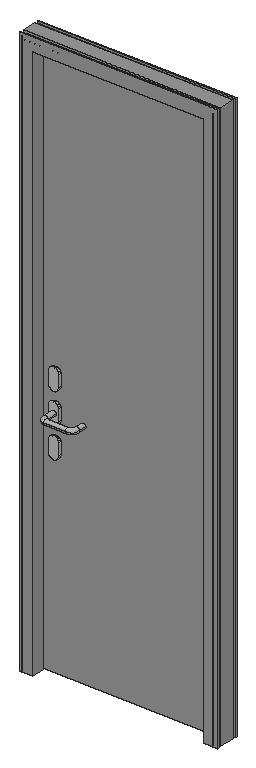
Revit family "Doors_Swing_Avanti_Systems_Acoustic-Dbl-Glazed (2)", category Portes, Revit 2022 (continued)
Definition of nested family "Blinds"
  Dimensions and locks (in)
    "Width": Sweep 4 sketch curve to Sweep 4 sketch curve
    "Width": Sweep 5 sketch curve to Sweep 5 sketch curve
    "Width": Sweep 6 sketch curve to Sweep 6 sketch curve
    "Width": Sweep 7 sketch curve to Sweep 7 sketch curve
    "Width": Sweep 8 sketch curve to Sweep 8 sketch curve
    "Width": Sweep 9 sketch curve to Sweep 9 sketch curve
    "Width": Sweep 10 sketch curve to Sweep 10 sketch curve
    "Width": Sweep 11 sketch curve to Sweep 11 sketch curve
    "Width": Sweep 12 sketch curve to Sweep 12 sketch curve
    "Width": Sweep 13 sketch curve to Sweep 13 sketch curve
    "Width": Sweep 14 sketch curve to Sweep 14 sketch curve
    "Width": Sweep 15 sketch curve to Sweep 15 sketch curve
    "Width": Sweep 16 sketch curve to Sweep 16 sketch curve
    "Width": Sweep 17 sketch curve to Sweep 17 sketch curve
    "Width": Sweep 18 sketch curve to Sweep 18 sketch curve
    "Width": Sweep 19 sketch curve to Sweep 19 sketch curve
    "Width": Sweep 20 sketch curve to Sweep 20 sketch curve
    "Width": Sweep 21 sketch curve to Sweep 21 sketch curve
    "Width": Sweep 22 sketch curve to Sweep 22 sketch curve
    "Width": Sweep 23 sketch curve to Sweep 23 sketch curve
    "Width": Sweep 24 sketch curve to Sweep 24 sketch curve
    "Width": Sweep 25 sketch curve to Sweep 25 sketch curve
    "Width": Sweep 26 sketch curve to Sweep 26 sketch curve
    "Width": Sweep 27 sketch curve to Sweep 27 sketch curve
    "Width": Sweep 28 sketch curve to Sweep 28 sketch curve
    "Width": Sweep 29 sketch curve to Sweep 29 sketch curve
    "Width": Sweep 30 sketch curve to Sweep 30 sketch curve
    "Width": Sweep 31 sketch curve to Sweep 31 sketch curve
    "Width": Sweep 32 sketch curve to Sweep 32 sketch curve
    "Width": Sweep 33 sketch curve to Sweep 33 sketch curve
    "Width": Sweep 34 sketch curve to Sweep 34 sketch curve
    "Width": Sweep 35 sketch curve to Sweep 35 sketch curve
    "Width": Sweep 36 sketch curve to Sweep 36 sketch curve
    "Width": Sweep 37 sketch curve to Sweep 37 sketch curve
    "Width": Sweep 38 sketch curve to Sweep 38 sketch curve
    "Width": Sweep 39 sketch curve to Sweep 39 sketch curve
    "Width": Sweep 40 sketch curve to Sweep 40 sketch curve
    "Width": Sweep 41 sketch curve to Sweep 41 sketch curve
    "Width": Sweep 42 sketch curve to Sweep 42 sketch curve
    "Width": Sweep 43 sketch curve to Sweep 43 sketch curve
    "Width": Sweep 44 sketch curve to Sweep 44 sketch curve
    "Width": Sweep 45 sketch curve to Sweep 45 sketch curve
    "Width": Sweep 46 sketch curve to Sweep 46 sketch curve
    "Width": Sweep 47 sketch curve to Sweep 47 sketch curve
    "Width": Sweep 48 sketch curve to Sweep 48 sketch curve
    "Width": Sweep 49 sketch curve to Sweep 49 sketch curve
    "Width": Sweep 50 sketch curve to Sweep 50 sketch curve
    "Width": Sweep 51 sketch curve to Sweep 51 sketch curve
    "Width": Sweep 52 sketch curve to Sweep 52 sketch curve
    "Width": Sweep 53 sketch curve to Sweep 53 sketch curve
    "Width": Sweep 54 sketch curve to Sweep 54 sketch curve
    "Width": Sweep 55 sketch curve to Sweep 55 sketch curve
    "Width": Sweep 56 sketch curve to Sweep 56 sketch curve
    "Width": Sweep 57 sketch curve to Sweep 57 sketch curve
    "Width": Sweep 58 sketch curve to Sweep 58 sketch curve
    "Width": Sweep 59 sketch curve to Sweep 59 sketch curve
    "Width": Sweep 60 sketch curve to Sweep 60 sketch curve
    "Width": Sweep 61 sketch curve to Sweep 61 sketch curve
    "Width": Sweep 62 sketch curve to Sweep 62 sketch curve
    "Width": Sweep 63 sketch curve to Sweep 63 sketch curve
    "Width": Sweep 64 sketch curve to Sweep 64 sketch curve
    "Width": Sweep 65 sketch curve to Sweep 65 sketch curve
    "Width": Sweep 66 sketch curve to Sweep 66 sketch curve
    "Width": Sweep 67 sketch curve to Sweep 67 sketch curve
    "Width": Sweep 68 sketch curve to Sweep 68 sketch curve
    "Width": Sweep 69 sketch curve to Sweep 69 sketch curve
    "Width": Sweep 70 sketch curve to Sweep 70 sketch curve
    "Width": Sweep 71 sketch curve to Sweep 71 sketch curve
    "Width": Sweep 72 sketch curve to Sweep 72 sketch curve
    "Width": Sweep 73 sketch curve to Sweep 73 sketch curve
    "Width": Sweep 74 sketch curve to Sweep 74 sketch curve
    "Width": Sweep 75 sketch curve to Sweep 75 sketch curve
    "Width": Sweep 76 sketch curve to Sweep 76 sketch curve
    "Width": Sweep 77 sketch curve to Sweep 77 sketch curve
    "Width": Sweep 78 sketch curve to Sweep 78 sketch curve
    "Width": Sweep 79 sketch curve to Sweep 79 sketch curve
    "Width": Sweep 80 sketch curve to Sweep 80 sketch curve
    "Width": Sweep 81 sketch curve to Sweep 81 sketch curve
    "Width": Sweep 82 sketch curve to Sweep 82 sketch curve
    "Width": Sweep 83 sketch curve to Sweep 83 sketch curve
    "Width": Sweep 84 sketch curve to Sweep 84 sketch curve
    "Width": Sweep 85 sketch curve to Sweep 85 sketch curve
    "Width": Sweep 86 sketch curve to Sweep 86 sketch curve
    "Width": Sweep 87 sketch curve to Sweep 87 sketch curve
    "Width": Sweep 88 sketch curve to Sweep 88 sketch curve
    "Height": plane 4 to plane 5
    equal spacing: plane 4, plane 1 "Center (Front/Back)", plane 5
    aligned and locked: level to plane 2
    aligned and locked: Sweep 1 to plane 4
    aligned and locked: plane 5 to Sweep 88
Definition of nested family "Hinge"
  Parameters (values of type "Family4")
    Material = none
    Default Elevation = 4' - 0"
  Reference planes (in)
    plane 1 "Center (Front/Back)": y = 0
    plane 2: z = 0
    plane 3 "Center (Left/Right)": x = 0
  Forms (in)
    Extrusion 1, solid, material <- "Material"
      sketch origin (0, 0, 0) x (1, 0, 0) y (0, 0, 1)
        loop
          circle (0, 0.25) r 0.25
      from 0 to 4.5
  Lines and regions (in)
    reference lines
      curve 1: line (-0.25, 0, 0) -> (-0.25, -4.5, 0)
      curve 2: line (-0.25, -2.25, 0) -> (0.25, -2.25, 0)
      curve 3: line (0.25, -4.5, 0) -> (0.25, 0, 0)
  Dimensions and locks (in)
    aligned and locked: level to plane 2
Definition of nested family "Handle"
  Parameters (values of type "Lever Handle")
    Width = 2' - 4.58379"
    Type = 1
    Thickness = 0' - 1 3/4"
    Ladder = if(Type = 3, 1 = 1, 1 = 0)  # no
    Panic hardware = if(Type = 4, 1 = 1, 1 = 0)  # no
    Material = none
    Locker [instance] = yes
    Height = 7' - 7.651"
    Glass door = if(Type = 2, 1 = 1, 1 = 0)  # no
    Framed door = if(Type = 1, 1 = 1, 1 = 0)  # yes
    Default Elevation = 4' - 0"
  Reference planes (in)
    plane 1 "Center (Front/Back)": y = 0
    plane 2: z = 0
    plane 3 "Center (Left/Right)": x = 0
    plane 4 "door_up": z = -1.375
    plane 5 "door_down": z = -3.125
    plane 6: z = -4.5
    plane 7: x = -1.25
    plane 8: x = -17.61529
    plane 9: x = -20.33379
    plane 10: x = -17.61529
    plane 11: y = 53.026
    plane 12: y = 0.625
    plane 13: y = 11.125
    plane 14: y = 53.651
    plane 15: y = -38
    plane 16: x = -24.45879
    plane 17 "door": x = 4.125
    plane 18: x = 1.625
    plane 19: y = -20
    plane 20: z = -1.5625
    plane 21: z = -2.9375
  Forms (in)
    Sweep 1, solid, material <- "Material", visible <- "Panic hardware"
      path origin (0, 0, 0) x (1, 0, 0) y (0, 1, 0)
        loop
          line (-1.25, 53.026) -> (-1.25, 4.25)
          arc (-1.25, 4.25) -> (-2.12868, 2.12868) -> (-4.25, 1.25) r 3
          line (-4.25, 1.25) -> (-17.61529, 1.25)
      profile origin (-1.25, 28.638, 0) x (1, 0, 0) y (0, 0, 1)
        loop
          circle (0.625, 0.625) r 0.625
    Sweep 2, solid, material <- "Material", visible <- "Panic hardware"
      path origin (0, 0, 0) x (1, 0, 0) y (0, 0, 1)
        loop
          line (-17.61529, 0) -> (-18.36529, 0)
          arc (-18.36529, 0) -> (-18.87334, -0.21044) -> (-19.08379, -0.7185) r 0.7185
          line (-19.08379, -0.7185) -> (-19.08379, -1.375)
      profile origin (-17.99029, 0, 0) x (0, 0, -1) y (0, -1, 0)
        loop
          circle (-0.625, -0.625) r 0.625
    Sweep 3, solid, material <- "Material", visible <- "Panic hardware"
      path origin (0, 0, -6.75) x (1, 0, 0) y (0, 0, -1)
        loop
          line (-17.61529, -2.25) -> (-18.36529, -2.25)
          arc (-18.36529, -2.25) -> (-18.87334, -2.46044) -> (-19.08379, -2.9685) r 0.7185
          line (-19.08379, -2.9685) -> (-19.08379, -3.625)
      profile origin (-17.99029, 0, -4.5) x (0, 0, -1) y (0, -1, 0)
        loop
          circle (0.625, -0.625) r 0.625
    Sweep 4, solid, material <- "Material", visible <- "Panic hardware"
      path origin (-30, 0, -6.75) x (-1, 0, 0) y (0, 0, -1)
        loop
          line (-12.38471, -2.25) -> (-28.0315, -2.25)
          arc (-28.0315, -2.25) -> (-28.53956, -2.46044) -> (-28.75, -2.9685) r 0.7185
          line (-28.75, -2.9685) -> (-28.75, -3.625)
      profile origin (-9.79189, 0, -4.5) x (0, 0, 1) y (0, -1, 0)
        loop
          circle (-0.625, -0.625) r 0.625
    Extrusion 5, solid, material <- "Material", visible <- "Framed door", not visible
      sketch origin (0, 0, 0) x (1, 0, 0) y (0, 1, 0)
        loop
          line (1.92578, 8.41673) -> (-1.87348, 6.31076) -> (-1.87348, 0.00893) -> (-1.87348, -6.31076) -> (1.92578, -8.41673) -> (1.92578, 0.00435) -> (1.92578, 8.41673)
      from -1.375 to -1.20804
    Extrusion 6, solid, material <- "Material", visible <- "Framed door"
      sketch origin (0, 0, -4.5) x (0, -1, 0) y (1, 0, 0)
        loop
          line (-8.41673, 1.92578) -> (-6.31076, -1.87348) -> (-0.00893, -1.87348) -> (6.31076, -1.87348) -> (8.41673, 1.92578) -> (-0.00435, 1.92578) -> (-8.41673, 1.92578)
      from 1.5625 to 2.9375
    Extrusion 7, solid, material <- "Material", visible <- "Framed door", not visible
      sketch origin (0, 0, -4.5) x (0, -1, 0) y (1, 0, 0)
        loop
          line (-8.41673, 1.92578) -> (-6.31076, -1.87348) -> (-0.00893, -1.87348) -> (6.31076, -1.87348) -> (8.41673, 1.92578) -> (-0.00435, 1.92578) -> (-8.41673, 1.92578)
      from 1.5625 to 2.9375
  Cuts and joins
    joined: Sweep 1, Sweep 2
    joined: Sweep 3, Sweep 4
  Dimensions and locks (in)
    "Thickness": plane 5 "door_down" to plane 4 "door_up"
    locked: plane 3 "Center (Left/Right)" to plane 7 at 1.25
    locked: plane 9 to plane 8 at 2.7185
    locked: plane 9 to Sweep 3 sketch curve at 1.25
    locked: Sweep 2 sketch curve to plane 9 at 1.25
    locked: plane 10 to plane 9 at 2.7185
    locked: Sweep 1 sketch curve to plane 1 "Center (Front/Back)" at 1.25
    locked: plane 3 "Center (Left/Right)" to nested 1 at 0.125
    locked: plane 4 "door_up" to plane 2 at 1.375
    locked: plane 6 to plane 5 "door_down" at 1.375
    locked: plane 12 to plane 1 "Center (Front/Back)" at 0.625
    locked: plane 13 to plane 12 at 10.5
    locked: plane 14 to plane 11 at 0.625
    "Height": plane 14 to plane 15
    locked: plane 1 "Center (Front/Back)" to plane 15 at 38
    locked: plane 3 "Center (Left/Right)" to plane 17 "door" at 4.125
    "Width": plane 16 to plane 17 "door"
    locked: plane 16 to plane 10 at 6.8435
    locked: plane 18 to plane 17 "door" at 2.5
    Extrusion 6 to Extrusion 6 = 0' - 1 3/8"
    locked: plane 4 "door_up" to plane 20 at 0.1875
    locked: plane 21 to plane 5 "door_down" at 0.1875
    aligned and locked: level to plane 2
    aligned and locked: cut or joined group of Sweep 1, Sweep 2 to plane 4 "door_up"
    aligned and locked: plane 4 "door_up" to Sweep 2 sketch curve
    aligned and locked: plane 5 "door_down" to Sweep 3 sketch curve
    aligned and locked: plane 6 to Sweep 3 sketch curve
    aligned and locked: plane 7 to Sweep 4 sketch curve
    aligned and locked: Sweep 4 sketch curve to plane 6
    aligned and locked: plane 8 to Sweep 4 sketch curve
    aligned and locked: plane 8 to Sweep 3 sketch curve
    aligned and locked: plane 10 to Sweep 2 sketch curve
    aligned and locked: plane 10 to Sweep 1 sketch curve
    aligned and locked: plane 11 to Sweep 1 sketch curve
    aligned and locked: plane 5 "door_down" to Sweep 4 sketch curve
    aligned and locked: nested 1 to plane 4 "door_up"
    aligned and locked: plane 13 to nested 1
    aligned and locked: nested 2 to plane 11
    aligned and locked: plane 1 "Center (Front/Back)" to nested 3
    aligned and locked: nested 4 to plane 1 "Center (Front/Back)"
    aligned and locked: nested 4 to plane 3 "Center (Left/Right)"
    aligned and locked: plane 3 "Center (Left/Right)" to nested 3
    aligned and locked: plane 20 to Extrusion 6
    aligned and locked: Extrusion 6 to plane 21
  Nested families (in)
    nested 1: "Family2" at (-1.125, 11.125, 0.22234), visible <- "Panic hardware", type "Family2"
    nested 2: "Family3" at (-0.26102, 53.026, -1.63602), visible <- "Panic hardware", type "Family3"
      with Thickness 0' - 1 3/4"
    nested 3: "Handle Timber" at (0, 0, -3.125), Locker <- "Locker", visible <- "Framed door", type "Handle Timber"
      with Locker yes
    nested 4: "Handle Timber" at (0, 0, -1.375) x (1, 0, 0) z (0, 0, -1), Locker <- "Locker", visible <- "Framed door", type "Handle Timber"
      with Locker yes
    nested 5: "Handle Timber" at (0, 0, -1.375) x (1, 0, 0) z (0, 0.0003, -1), Locker <- "Locker", visible <- "Framed door", type "Handle Timber", not visible
      with Locker yes
    nested 6: "Handle Timber" at (0, 0, -1.375) x (1, 0, 0) z (0, 0, -1), Locker <- "Locker", visible <- "Framed door", type "Handle Timber", not visible
      with Locker yes
    nested 7: "Handle Timber" at (0, 0, -3.125), Locker <- "Locker", visible <- "Framed door", type "Handle Timber", not visible
      with Locker yes
  Definition of nested family "Family2"
    Parameters (values of type "Family2")
      Thickness = 0' - 0 1/2"
      Material = none
      Lock = yes
      Default Elevation = 0' - 0"
    Reference planes (in)
      plane 1 "Center (Front/Back)": y = 0
      plane 2: z = 0
      plane 3 "Center (Left/Right)": x = 0
      plane 4: z = -2.09734
      plane 5: z = -1.59734
    Forms (in)
      Extrusion 1, solid, material <- "Material"
        sketch origin (0, 0, 0) x (0, 1, 0) y (0, 0, 1)
          loop
            line (5.04078, -0.345) -> (5.04078, 0) -> (-2.39922, 0) -> (-2.39922, -0.345) -> (5.04078, -0.345)
        from 0 to 1
      Extrusion 2, solid, material <- "Material"
        sketch origin (0, 0, 0) x (0, 1, 0) y (0, 0, 1)
          loop
            line (-0.3074, -0.345) -> (-1.4374, -0.345) -> (-1.4374, -1.31734) -> (-0.3074, -1.31734) -> (-0.3074, -0.345)
        from 0.32565 to 0.66353
      Extrusion 3, solid, material <- "Material"
        sketch origin (0, 0, 0) x (0, 1, 0) y (0, 0, 1)
          loop
            line (-1.4374, -1.31734) -> (-1.4374, -1.59734) -> (1.43807, -1.59734) -> (1.43807, -1.31734) -> (-1.4374, -1.31734)
        from 0 to 1
      Extrusion 4, solid, material <- "Material"
        sketch origin (0, 0, 0) x (0, 1, 0) y (0, 0, 1)
          loop
            arc (-3.2641, -0.65221) -> (-3.242, -0.64306) -> (-3.23285, -0.62096) r 0.03125
            line (-3.23285, -0.62096) -> (-3.23285, 0) -> (-3.4516, 0) -> (-3.4516, -0.62096)
            arc (-3.4516, -0.62096) -> (-3.44244, -0.64306) -> (-3.42035, -0.65221) r 0.03125
            line (-3.42035, -0.65221) -> (-3.2641, -0.65221)
        from 0.32565 to 0.66353
      Extrusion 5, solid, material <- "Material", visible <- "Lock", not visible
        sketch origin (1, 0, 0) x (0, 1, 0) y (0, 0, 1)
          loop
            circle (0.20853, -3.12734) r 0.58
          loop
            circle (0.20853, -3.12734) r 0.5625
          loop
            circle (-0.07272, -3.12734) r 0.22671
        from 0 to 0.25
      Extrusion 6, solid, material <- "Material", visible <- "Lock", not visible
        sketch origin (1, 0, 0) x (0, 1, 0) y (0, 0, 1)
          loop
            circle (0.20853, -3.12734) r 0.5625
        from 0 to 0.20472
    Lines and regions (in)
      model lines, not visible
        curve 1: line (0, -0.35397, -3.12734) -> (0, 0.39603, -3.12734)
    Dimensions and locks (in)
      "Thickness": plane 4 to plane 5
      locked: plane 5 to plane 2 at 1.59734
      aligned and locked: level to plane 2
      aligned and locked: plane 5 to Extrusion 3 sketch curve
      aligned and locked: Extrusion 3 sketch curve to Extrusion 2
  Definition of nested family "Family3"
    Parameters (values of type "Family3")
      Thickness = 0' - 0 1/2"
      Material = none
      Default Elevation = 0' - 0"
    Reference planes (in)
      plane 1 "Center (Front/Back)": y = 0
      plane 2: z = 0
      plane 3 "Center (Left/Right)": x = 0
      plane 4: z = 0.26102
      plane 5: z = -0.23898
    Forms (in)
      Revolve 1, solid, material <- "Material"
        sketch origin (-0.36398, 0.615, 0.26102) x (0, 0, -1) y (0, 1, 0)
          loop
            line (-0.28125, -0.615) -> (-1.5092, -0.615) -> (-1.5092, -0.995) -> (-0.28125, -0.995) -> (-0.28125, -0.615)
          axis (-1.5092, -0.995) -> (-0.28125, -0.995)
        angle from 0 to 360
    Dimensions and locks (in)
      "Thickness": plane 4 to plane 5
      aligned and locked: level to plane 2
  Definition of nested family "Handle Timber"
    Parameters (values of type "Handle Timber")
      Locker [instance] = yes
      Handle material = none
      Default Elevation = 4' - 0"
    Reference planes (in)
      plane 1 "Center (Front/Back)": y = 0
      plane 2: z = 0
      plane 3 "Center (Left/Right)": x = 0
    Forms (in)
      Extrusion 1, solid, material <- "Handle material"
        sketch origin (0, 0.00944, 0.00975) x (-1, 0, 0) y (0, -1, 0.00026)
          loop
            line (0.82036, -6.01526) -> (0.82036, -4.11121)
            arc (0.82036, -4.11121) -> (0, -3.29085) -> (-0.82036, -4.11121) r 0.82036
            line (-0.82036, -4.11121) -> (-0.82036, -6.01526)
            arc (-0.82036, -6.01526) -> (0, -6.83563) -> (0.82036, -6.01526) r 0.82036
          loop
            line (0.82036, -0.95129) -> (0.82036, 0.95276)
            arc (0.82036, 0.95276) -> (0, 1.77313) -> (-0.82036, 0.95276) r 0.82036
            line (-0.82036, 0.95276) -> (-0.82036, -0.95129)
            arc (-0.82036, -0.95129) -> (0, -1.77165) -> (0.82036, -0.95129) r 0.82036
        from -0.36 to -0.00798
      Sweep 2, solid, material <- "Handle material"
        path origin (0, 0.00944, 0.00975) x (-1, 0, 0) y (0, 0.00026, 1)
          loop
            line (0.00372, -0.36) -> (0.00372, -2.13165)
            arc (0.00372, -2.13165) -> (0.19244, -2.58727) -> (0.64805, -2.77599) r 0.64433
            line (0.64805, -2.77599) -> (4.19136, -2.77599)
            arc (4.19136, -2.77599) -> (4.78191, -2.53137) -> (5.02652, -1.94082) r 0.83517
            line (5.02652, -1.94082) -> (5.02652, -0.63757)
        profile origin (-0.00372, 0.00911, -1.23607) x (-1, 0, 0) y (0, 1, -0.00026)
          loop
            circle (0, 0) r 0.3937
      Extrusion 3, solid, material <- "Handle material", visible <- "Locker"
        sketch origin (0, 0.00944, 0.00975) x (-1, 0, 0) y (0, -1, 0.00026)
          loop
            line (0.82009, 4.11958) -> (0.82408, 6.02363)
            arc (0.82408, 6.02363) -> (0.00543, 6.84571) -> (-0.81665, 6.02706) r 0.82036
            line (-0.81665, 6.02706) -> (-0.82063, 4.12301)
            arc (-0.82063, 4.12301) -> (-0.00199, 3.30093) -> (0.82009, 4.11958) r 0.82036
        from -0.36 to -0.01061
    Lines and regions (in)
      reference lines
        curve 1: line (0, 6.84506, 0) -> (0, -6.83627, 0)
        curve 2: line (-5.42022, 0.00893, 0) -> (0.82036, 0.00893, 0)
    Dimensions and locks (in)
      aligned and locked: level to plane 2
Definition of nested family "Door Frame"
  Reference planes (in)
    plane 1 "Center (Front/Back)": y = 0
    plane 2: z = 0
    plane 3 "Center (Left/Right)": x = 0
  Lines and regions (in)
    model lines, in view "Ref. Level"
      curve 1: arc (-1.01203, 1.32996, 0) -> (-0.98705, 1.35416, 0) -> (-0.96263, 1.3294, 0) r 0.0247
      curve 2: arc (-1.18846, 1.27919, 0) -> (-1.16836, 1.29671, 0) -> (-1.14299, 1.28848, 0) r 0.02706
      curve 3: arc (-0.96263, -0.65973, 0) -> (-0.98705, -0.68449, 0) -> (-1.01203, -0.66029, 0) r 0.0247
      curve 4: arc (-1.144, -0.61721, 0) -> (-1.16937, -0.62544, 0) -> (-1.18947, -0.60792, 0) r 0.02706
      curve 5: arc (-0.42858, 2.14208, 0) -> (-0.41466, 2.13631, 0) -> (-0.40889, 2.12239, 0) r 0.01969
      curve 6: arc (-0.43102, -0.777, 0) -> (-0.4171, -0.78276, 0) -> (-0.41133, -0.79668, 0) r 0.01969
      curve 7: arc (0.4368, 2.31214, 0) -> (0.45072, 2.30638, 0) -> (0.45649, 2.29246, 0) r 0.01969
      curve 8: arc (-1.21399, -1.62487, 0) -> (-1.22791, -1.6191, 0) -> (-1.23368, -1.60518, 0) r 0.01969
      curve 9: arc (0.97015, -1.61502, 0) -> (0.96727, -1.62198, 0) -> (0.96031, -1.62487, 0) r 0.00984
      curve 10: arc (-0.3229, -1.56581, 0) -> (-0.32987, -1.56293, 0) -> (-0.33275, -1.55596, 0) r 0.00984
      curve 11: arc (0.23004, -1.55597, 0) -> (0.22716, -1.56293, 0) -> (0.2202, -1.56581, 0) r 0.00984
      curve 12: arc (0.32847, -1.56581, 0) -> (0.31455, -1.56004, 0) -> (0.30878, -1.54613, 0) r 0.01969
      curve 13: arc (0.90716, -1.54613, 0) -> (0.90139, -1.56004, 0) -> (0.88748, -1.56581, 0) r 0.01969
      curve 14: arc (-0.41133, -1.43995, 0) -> (-0.4171, -1.45387, 0) -> (-0.43102, -1.45964, 0) r 0.01969
      curve 15: arc (-0.40889, 1.47014, 0) -> (-0.41466, 1.45622, 0) -> (-0.42858, 1.45045, 0) r 0.01969
      curve 16: arc (-0.91238, 1.45045, 0) -> (-0.92437, 1.45452, 0) -> (-0.9314, 1.46504, 0) r 0.01969
      curve 17: arc (-0.42933, 1.38746, 0) -> (-0.41541, 1.38169, 0) -> (-0.40964, 1.36777, 0) r 0.01969
      curve 18: arc (-0.93028, -0.79159, 0) -> (-0.92325, -0.78106, 0) -> (-0.91126, -0.777, 0) r 0.01969
      curve 19: arc (0.35806, 2.06619, 0) -> (0.3523, 2.05227, 0) -> (0.33838, 2.04651, 0) r 0.01969
      curve 20: arc (0.35806, 1.16442, 0) -> (0.3523, 1.1505, 0) -> (0.33838, 1.14473, 0) r 0.01969
      curve 21: arc (0.24979, 1.37032, 0) -> (0.23587, 1.37608, 0) -> (0.23011, 1.39, 0) r 0.01969
      curve 22: arc (0.33838, 1.37032, 0) -> (0.3523, 1.36455, 0) -> (0.35806, 1.35063, 0) r 0.01969
      curve 23: arc (0.65519, 0.43309, 0) -> (0.66096, 0.44701, 0) -> (0.67488, 0.45278, 0) r 0.01969
      curve 24: arc (0.7359, 0.45278, 0) -> (0.74843, 0.44759, 0) -> (0.75362, 0.43506, 0) r 0.01772
      curve 25: arc (0.75362, 0.43112, 0) -> (0.74843, 0.4186, 0) -> (0.7359, 0.41341, 0) r 0.01772
      curve 26: arc (0.47617, 0.35238, 0) -> (0.46225, 0.35815, 0) -> (0.45649, 0.37207, 0) r 0.01969
      curve 27: arc (0.65519, 0.37207, 0) -> (0.64943, 0.35815, 0) -> (0.63551, 0.35238, 0) r 0.01969
      curve 28: arc (0.88944, 0.41341, 0) -> (0.87692, 0.4186, 0) -> (0.87173, 0.43112, 0) r 0.01772
      curve 29: arc (0.87173, 0.43506, 0) -> (0.87692, 0.44759, 0) -> (0.88944, 0.45278, 0) r 0.01772
      curve 30: arc (0.95047, 0.45278, 0) -> (0.96439, 0.44701, 0) -> (0.97015, 0.43309, 0) r 0.01969
      curve 31: arc (0.88748, 0.28939, 0) -> (0.90139, 0.28363, 0) -> (0.90716, 0.26971, 0) r 0.01969
      curve 32: arc (0.37775, 1.51492, 0) -> (0.35806, 1.49524, 0) -> (0.33838, 1.51492, 0) r 0.01969
      curve 33: arc (0.33838, 1.94799, 0) -> (0.35806, 1.96768, 0) -> (0.37775, 1.94799, 0) r 0.01969
      curve 34: arc (0.37775, 0.61103, 0) -> (0.35806, 0.59134, 0) -> (0.33838, 0.61103, 0) r 0.01969
      curve 35: arc (0.33838, 1.0441, 0) -> (0.35806, 1.06379, 0) -> (0.37775, 1.0441, 0) r 0.01969
      curve 36: arc (0.23011, 2.02682, 0) -> (0.23587, 2.04074, 0) -> (0.24979, 2.04651, 0) r 0.01969
      curve 37: arc (0.35806, 2.06619, 0) -> (0.3523, 2.05227, 0) -> (0.33838, 2.04651, 0) r 0.01969
      curve 38: arc (-1.2143, 1.33416, 0) -> (-1.22822, 1.33992, 0) -> (-1.23398, 1.35384, 0) r 0.01969
      curve 39: arc (-1.01805, 1.33416, 0) -> (-0.99098, 1.36129, 0) -> (-0.96392, 1.33416, 0) r 0.02706
      curve 40: arc (-0.85767, 1.38167, 0) -> (-0.85128, 1.38596, 0) -> (-0.84373, 1.38746, 0) r 0.01969
      curve 41: arc (-1.23177, -0.6806, 0) -> (-1.226, -0.66668, 0) -> (-1.21208, -0.66091, 0) r 0.01969
      curve 42: arc (-0.96392, -0.66091, 0) -> (-0.99098, -0.68804, 0) -> (-1.01805, -0.66091, 0) r 0.02706
      curve 43: arc (-0.84394, -0.714, 0) -> (-0.85149, -0.7125, 0) -> (-0.85788, -0.70822, 0) r 0.01969
      curve 44: arc (0.30878, 0.26971, 0) -> (0.31455, 0.28363, 0) -> (0.32847, 0.28939, 0) r 0.01969
      curve 45: arc (-1.05302, 2.13905, 0) -> (-1.04384, 2.15096, 0) -> (-1.02893, 2.1529, 0) r 0.01969
      curve 46: arc (-1.03962, 2.11304, 0) -> (-1.05159, 2.12224, 0) -> (-1.05352, 2.13721, 0) r 0.01969
      curve 47: arc (-0.94962, 2.1093, 0) -> (-0.95879, 2.09735, 0) -> (-0.97373, 2.09538, 0) r 0.01969
      curve 48: arc (-1.18098, 2.19365, 0) -> (-1.16902, 2.18447, 0) -> (-1.16706, 2.16954, 0) r 0.01969
      curve 49: arc (-1.20189, 2.19925, 0) -> (-1.20667, 2.20292, 0) -> (-1.20746, 2.20889, 0) r 0.00787
      curve 50: arc (-1.16755, 2.16769, 0) -> (-1.17672, 2.15574, 0) -> (-1.19166, 2.15378, 0) r 0.01969
      curve 51: arc (-0.99215, 2.20623, 0) -> (-0.98737, 2.20256, 0) -> (-0.98658, 2.19658, 0) r 0.00787
      curve 52: arc (-1.19574, 2.25263, 0) -> (-1.19207, 2.25741, 0) -> (-1.1861, 2.2582, 0) r 0.00787
      curve 53: arc (-0.9983, 2.15285, 0) -> (-1.00197, 2.14807, 0) -> (-1.00795, 2.14728, 0) r 0.00787
      curve 54: arc (-1.03074, 1.49329, 0) -> (-1.04565, 1.49524, 0) -> (-1.05483, 1.50714, 0) r 0.01969
      curve 55: arc (-1.00976, 1.49891, 0) -> (-1.00379, 1.49812, 0) -> (-1.00012, 1.49334, 0) r 0.00787
      curve 56: arc (-1.05533, 1.50898, 0) -> (-1.0534, 1.52396, 0) -> (-1.04143, 1.53316, 0) r 0.01969
      curve 57: arc (-0.97481, 1.55101, 0) -> (-0.95987, 1.54904, 0) -> (-0.9507, 1.53709, 0) r 0.01969
      curve 58: arc (-1.16887, 1.47666, 0) -> (-1.17084, 1.46172, 0) -> (-1.18279, 1.45255, 0) r 0.01969
      curve 59: arc (-1.19347, 1.49242, 0) -> (-1.17854, 1.49045, 0) -> (-1.16937, 1.4785, 0) r 0.01969
      curve 60: arc (-1.23398, 1.46646, 0) -> (-1.22992, 1.47844, 0) -> (-1.21939, 1.48547, 0) r 0.01969
      curve 61: arc (-1.20927, 1.4373, 0) -> (-1.20849, 1.44327, 0) -> (-1.20371, 1.44694, 0) r 0.00787
      curve 62: arc (-1.18791, 1.388, 0) -> (-1.19389, 1.38879, 0) -> (-1.19756, 1.39357, 0) r 0.00787
      curve 63: arc (-0.9884, 1.44961, 0) -> (-0.98919, 1.44363, 0) -> (-0.99397, 1.43997, 0) r 0.00787
      curve 64: arc (-0.97481, 1.55101, 0) -> (-0.95987, 1.54904, 0) -> (-0.9507, 1.53709, 0) r 0.01969
      curve 65: arc (-1.23368, -1.49287, 0) -> (-1.22961, -1.48089, 0) -> (-1.21909, -1.47386, 0) r 0.01969
      curve 66: arc (-1.05377, -0.8339, 0) -> (-1.04459, -0.822, 0) -> (-1.02968, -0.82005, 0) r 0.01969
      curve 67: arc (-0.99906, -0.8201, 0) -> (-1.00272, -0.82488, 0) -> (-1.0087, -0.82567, 0) r 0.00787
      curve 68: arc (-1.1683, -0.80526, 0) -> (-1.17748, -0.81721, 0) -> (-1.19241, -0.81918, 0) r 0.01969
      curve 69: arc (-1.02968, -1.46584, 0) -> (-1.04459, -1.46389, 0) -> (-1.05377, -1.45198, 0) r 0.01969
      curve 70: arc (-1.0087, -1.46022, 0) -> (-1.00272, -1.461, 0) -> (-0.99906, -1.46578, 0) r 0.00787
      curve 71: arc (-1.05427, -1.45014, 0) -> (-1.05234, -1.43517, 0) -> (-1.04037, -1.42597, 0) r 0.01969
      curve 72: arc (-1.16781, -1.48247, 0) -> (-1.16978, -1.49741, 0) -> (-1.18173, -1.50658, 0) r 0.01969
      curve 73: arc (-1.19241, -1.46671, 0) -> (-1.17748, -1.46868, 0) -> (-1.1683, -1.48063, 0) r 0.01969
      curve 74: arc (-1.20821, -1.52183, 0) -> (-1.20743, -1.51585, 0) -> (-1.20265, -1.51218, 0) r 0.00787
      curve 75: arc (-0.98734, -1.50952, 0) -> (-0.98812, -1.51549, 0) -> (-0.99291, -1.51916, 0) r 0.00787
      curve 76: arc (-1.04037, -0.85992, 0) -> (-1.05234, -0.85072, 0) -> (-1.05427, -0.83574, 0) r 0.01969
      curve 77: arc (-0.94964, -0.86385, 0) -> (-0.95881, -0.8758, 0) -> (-0.97375, -0.87777, 0) r 0.01969
      curve 78: arc (-1.18173, -0.77931, 0) -> (-1.16978, -0.78848, 0) -> (-1.16781, -0.80341, 0) r 0.01969
      curve 79: arc (-1.20265, -0.7737, 0) -> (-1.20743, -0.77003, 0) -> (-1.20821, -0.76406, 0) r 0.00787
      curve 80: arc (-1.21718, -0.81254, 0) -> (-1.2277, -0.80551, 0) -> (-1.23177, -0.79353, 0) r 0.01969
      curve 81: arc (-1.19649, -0.72032, 0) -> (-1.19283, -0.71554, 0) -> (-1.18685, -0.71476, 0) r 0.00787
      curve 82: arc (-0.99291, -0.76672, 0) -> (-0.98812, -0.77039, 0) -> (-0.98734, -0.77637, 0) r 0.00787
      curve 83: arc (-0.94964, -0.86385, 0) -> (-0.95881, -0.8758, 0) -> (-0.97375, -0.87777, 0) r 0.01969
      curve 84: arc (-0.97448, -1.40831, 0) -> (-0.9622, -1.409, 0) -> (-0.95272, -1.41685, 0) r 0.01969
      curve 85: arc (-1.18685, -1.57113, 0) -> (-1.19283, -1.57034, 0) -> (-1.19649, -1.56556, 0) r 0.00787
      curve 86: arc (-0.33048, 2.24325, 0) -> (-0.3276, 2.25021, 0) -> (-0.32064, 2.25309, 0) r 0.00984
      curve 87: arc (-0.4296, 1.15584, 0) -> (-0.41568, 1.15008, 0) -> (-0.40992, 1.13616, 0) r 0.01969
      curve 88: arc (-0.41076, -0.45625, 0) -> (-0.41653, -0.47016, 0) -> (-0.43044, -0.47592, 0) r 0.01969
      curve 89: arc (-0.41131, -0.69432, 0) -> (-0.41707, -0.70824, 0) -> (-0.43099, -0.714, 0) r 0.01969
      curve 90: arc (-0.55562, 1.2104, 0) -> (-0.54985, 1.22432, 0) -> (-0.53593, 1.23009, 0) r 0.01969
      curve 91: arc (-0.53593, -0.55466, 0) -> (-0.54985, -0.54889, 0) -> (-0.55562, -0.53497, 0) r 0.01969
      curve 92: arc (-0.48869, -0.47592, 0) -> (-0.50261, -0.47015, 0) -> (-0.50837, -0.45623, 0) r 0.01969
      curve 93: arc (-0.50837, 1.13616, 0) -> (-0.50261, 1.15008, 0) -> (-0.48869, 1.15584, 0) r 0.01969
      curve 94: arc (-0.40964, 1.24977, 0) -> (-0.41541, 1.23585, 0) -> (-0.42933, 1.23009, 0) r 0.01969
      curve 95: arc (-0.43099, -0.55466, 0) -> (-0.41707, -0.56043, 0) -> (-0.41131, -0.57434, 0) r 0.01969
      curve 96: arc (0.23004, 1.12505, 0) -> (0.23581, 1.13897, 0) -> (0.24973, 1.14473, 0) r 0.01969
      curve 97: arc (0.09876, 1.81365, 0) -> (0.23096, 1.77823, 0) -> (0.09883, 1.74254, 0) r 0.07087
      curve 98: arc (0.04765, 1.84323, 0) -> (0.12163, 1.90225, 0) -> (0.21603, 1.89542, 0) r 0.12992
      curve 99: arc (0.23011, 1.9043, 0) -> (0.22552, 1.89598, 0) -> (0.21603, 1.89542, 0) r 0.00984
      curve 100: arc (0.21603, 1.66089, 0) -> (0.12176, 1.65402, 0) -> (0.04778, 1.71286, 0) r 0.12992
      curve 101: arc (0.21603, 1.66089, 0) -> (0.22552, 1.66033, 0) -> (0.23011, 1.65201, 0) r 0.00984
      curve 102: arc (0.10004, -1.05831, 0) -> (0.23224, -1.09374, 0) -> (0.10011, -1.12942, 0) r 0.07087
      curve 103: arc (0.11793, -1.21625, 0) -> (0.07842, -1.1938, 0) -> (0.04905, -1.1591, 0) r 0.12992
      curve 104: arc (0.04893, -1.02873, 0) -> (0.12225, -0.96991, 0) -> (0.21606, -0.97595, 0) r 0.12992
      curve 105: arc (0.23004, -0.96702, 0) -> (0.22549, -0.97532, 0) -> (0.21606, -0.97595, 0) r 0.00984
      curve 106: arc (0.21606, -1.21166, 0) -> (0.12237, -1.21774, 0) -> (0.04905, -1.1591, 0) r 0.12992
      curve 107: arc (0.21606, -1.21166, 0) -> (0.22549, -1.21229, 0) -> (0.23004, -1.22059, 0) r 0.00984
      curve 108: line (-1.18846, 1.27919, 0) -> (-1.18846, 0.34175, 0)
      curve 109: line (-1.18846, 0.34175, 0) -> (-1.18846, -0.61039, 0)
      curve 110: line (-1.14299, 1.28848, 0) -> (-0.96307, 1.3218, 0)
      curve 111: line (-0.96307, 1.3218, 0) -> (-0.96263, 1.3294, 0)
      curve 112: line (-0.96263, 1.3294, 0) -> (-0.90504, 1.33416, 0)
      curve 113: line (-0.90504, 1.33416, 0) -> (-0.85767, 1.38167, 0)
      curve 114: line (-1.2143, 1.33416, 0) -> (-1.01203, 1.32996, 0)
      curve 115: line (-1.01203, 1.32996, 0) -> (-1.18846, 1.3177, 0)
      curve 116: line (-1.18846, 1.3177, 0) -> (-1.18846, 1.33043, 0)
      curve 117: line (-1.18846, 1.33043, 0) -> (-1.22784, 1.33043, 0)
      curve 118: line (-1.22784, 1.33043, 0) -> (-1.22784, 0.34175, 0)
      curve 119: line (-1.22784, 0.34175, 0) -> (-1.22784, -0.66077, 0)
      curve 120: line (-1.22784, -0.66077, 0) -> (-1.18846, -0.66077, 0)
      curve 121: line (-1.18846, -0.66077, 0) -> (-1.18846, -0.64803, 0)
      curve 122: line (-1.18846, -0.64803, 0) -> (-1.01203, -0.66029, 0)
      curve 123: line (-1.01203, -0.66029, 0) -> (-1.21215, -0.66091, 0)
      curve 124: line (-1.21208, -0.66091, 0) -> (-1.01805, -0.66091, 0)
      curve 125: line (-1.14299, -0.61881, 0) -> (-0.96307, -0.65213, 0)
      curve 126: line (-0.96307, -0.65213, 0) -> (-0.96263, -0.65973, 0)
      curve 127: line (-0.96263, -0.65973, 0) -> (-0.90504, -0.66091, 0)
      curve 128: line (-0.90504, -0.66091, 0) -> (-0.85788, -0.70822, 0)
      curve 129: line (-0.40889, 2.12239, 0) -> (-0.40889, 1.47014, 0)
      curve 130: line (-0.41133, -1.43995, 0) -> (-0.41133, -0.79668, 0)
      curve 131: line (-1.2143, 2.31214, 0) -> (0.4368, 2.31214, 0)
      curve 132: line (-0.94962, 2.1093, 0) -> (-0.94084, 2.14208, 0)
      curve 133: line (-0.94084, 2.14208, 0) -> (-0.79988, 2.14208, 0)
      curve 134: line (-0.79988, 2.14208, 0) -> (-0.79988, 2.18617, 0)
      curve 135: line (-0.79988, 2.18617, 0) -> (-0.92011, 2.18617, 0)
      curve 136: line (-0.92011, 2.18617, 0) -> (-0.92011, 2.25309, 0)
      curve 137: line (-0.92011, 2.25309, 0) -> (-0.41814, 2.25309, 0)
      curve 138: line (-0.41814, 2.25309, 0) -> (-0.41814, 2.18617, 0)
      curve 139: line (-0.32064, 2.25309, 0) -> (0.35806, 2.25309, 0)
      curve 140: line (0.35806, 2.25309, 0) -> (0.35806, 2.06619, 0)
      curve 141: line (-1.21399, -1.62487, 0) -> (0.96031, -1.62487, 0)
      curve 142: line (-0.95272, -1.41685, 0) -> (-0.94129, -1.45951, 0)
      curve 143: line (-0.94129, -1.45951, 0) -> (-0.80104, -1.45951, 0)
      curve 144: line (-0.80104, -1.45951, 0) -> (-0.80104, -1.49888, 0)
      curve 145: line (-0.80104, -1.49888, 0) -> (-0.92197, -1.49888, 0)
      curve 146: line (-0.92197, -1.49888, 0) -> (-0.92197, -1.56581, 0)
      curve 147: line (-0.92197, -1.56581, 0) -> (-0.42, -1.56581, 0)
      curve 148: line (-0.42, -1.56581, 0) -> (-0.42, -1.49901, 0)
      curve 149: line (-0.42, -1.49901, 0) -> (-0.54974, -1.49901, 0)
      curve 150: line (-0.54974, -1.49901, 0) -> (-0.54974, -1.45964, 0)
      curve 151: line (-0.3229, -1.56581, 0) -> (0.2202, -1.56581, 0)
      curve 152: line (0.32847, -1.56581, 0) -> (0.88748, -1.56581, 0)
      curve 153: line (-0.41814, 2.18617, 0) -> (-0.54408, 2.18617, 0)
      curve 154: line (-0.54408, 2.18617, 0) -> (-0.54408, 2.14208, 0)
      curve 155: line (-0.54408, 2.14208, 0) -> (-0.42858, 2.14208, 0)
      curve 156: line (-0.43102, -1.45964, 0) -> (-0.54974, -1.45964, 0)
      curve 157: line (-0.91238, 1.45045, 0) -> (-0.42858, 1.45045, 0)
      curve 158: line (-0.84373, 1.38746, 0) -> (-0.42933, 1.38746, 0)
      curve 159: line (-0.91126, -0.777, 0) -> (-0.43102, -0.777, 0)
      curve 160: line (-0.84394, -0.714, 0) -> (-0.43099, -0.714, 0)
      curve 161: line (0.35806, 1.35063, 0) -> (0.35806, 1.16442, 0)
      curve 162: line (0.23011, 2.02682, 0) -> (0.23011, 1.9043, 0)
      curve 163: line (0.37775, 0.61103, 0) -> (0.45649, 0.61103, 0)
      curve 164: line (0.45649, 0.61103, 0) -> (0.45649, 0.37207, 0)
      curve 165: line (0.65519, 0.37207, 0) -> (0.65519, 0.43309, 0)
      curve 166: line (0.67488, 0.45278, 0) -> (0.7359, 0.45278, 0)
      curve 167: line (0.47617, 0.35238, 0) -> (0.63551, 0.35238, 0)
      curve 168: line (0.7359, 0.41341, 0) -> (0.7044, 0.41341, 0)
      curve 169: line (0.7044, 0.41341, 0) -> (0.7044, 0.35238, 0)
      curve 170: line (0.7044, 0.35238, 0) -> (0.92094, 0.35238, 0)
      curve 171: line (0.92094, 0.35238, 0) -> (0.92094, 0.41341, 0)
      curve 172: line (0.92094, 0.41341, 0) -> (0.88944, 0.41341, 0)
      curve 173: line (0.88944, 0.45278, 0) -> (0.95047, 0.45278, 0)
      curve 174: line (0.97015, 0.43309, 0) -> (0.97015, -1.61502, 0)
      curve 175: line (0.90716, 0.26971, 0) -> (0.90716, -1.54613, 0)
      curve 176: line (0.33838, 1.37032, 0) -> (0.24979, 1.37032, 0)
      curve 177: line (0.88748, 0.28939, 0) -> (0.32847, 0.28939, 0)
      curve 178: line (0.33838, 1.51492, 0) -> (0.33838, 1.94799, 0)
      curve 179: line (0.33838, 1.94799, 0) -> (0.33838, 1.51492, 0)
      curve 180: line (0.45649, 1.0441, 0) -> (0.45649, 1.51492, 0)
      curve 181: line (0.45649, 1.51492, 0) -> (0.37775, 1.51492, 0)
      curve 182: line (0.37775, 1.94799, 0) -> (0.45649, 1.94799, 0)
      curve 183: line (0.45649, 1.94799, 0) -> (0.37775, 1.94799, 0)
      curve 184: line (0.33838, 0.61103, 0) -> (0.33838, 1.0441, 0)
      curve 185: line (0.33838, 1.0441, 0) -> (0.33838, 0.61103, 0)
      curve 186: line (0.37775, 1.0441, 0) -> (0.45649, 1.0441, 0)
      curve 187: line (0.45649, 1.0441, 0) -> (0.37775, 1.0441, 0)
      curve 188: line (0.33838, 2.04651, 0) -> (0.24979, 2.04651, 0)
      curve 189: line (0.45649, 1.94799, 0) -> (0.45649, 2.29246, 0)
      curve 190: line (0.30878, 0.26971, 0) -> (0.30878, -1.54613, 0)
      curve 191: line (0.23004, -1.22059, 0) -> (0.23004, -1.55597, 0)
      curve 192: line (-1.00795, 2.14728, 0) -> (-1.02893, 2.1529, 0)
      curve 193: line (-0.97373, 2.09538, 0) -> (-1.03962, 2.11304, 0)
      curve 194: line (-1.18098, 2.19365, 0) -> (-1.20189, 2.19925, 0)
      curve 195: line (-1.19166, 2.15378, 0) -> (-1.21939, 2.16121, 0)
      curve 196: line (-1.20746, 2.20889, 0) -> (-1.19574, 2.25263, 0)
      curve 197: line (-1.1861, 2.2582, 0) -> (-0.99215, 2.20623, 0)
      curve 198: line (-0.98658, 2.19658, 0) -> (-0.9983, 2.15285, 0)
      curve 199: line (-1.00976, 1.49891, 0) -> (-1.03074, 1.49329, 0)
      curve 200: line (-0.97481, 1.55101, 0) -> (-1.04143, 1.53316, 0)
      curve 201: line (-1.18279, 1.45255, 0) -> (-1.20371, 1.44694, 0)
      curve 202: line (-1.19347, 1.49242, 0) -> (-1.21939, 1.48547, 0)
      curve 203: line (-1.20927, 1.4373, 0) -> (-1.19756, 1.39357, 0)
      curve 204: line (-1.18791, 1.388, 0) -> (-0.99397, 1.43997, 0)
      curve 205: line (-0.9884, 1.44961, 0) -> (-1.00012, 1.49334, 0)
      curve 206: line (-0.9314, 1.46504, 0) -> (-0.9507, 1.53709, 0)
      curve 207: line (-1.23368, -1.49287, 0) -> (-1.23368, -1.60518, 0)
      curve 208: line (-1.0087, -0.82567, 0) -> (-1.02968, -0.82005, 0)
      curve 209: line (-1.19241, -0.81918, 0) -> (-1.21718, -0.81254, 0)
      curve 210: line (-1.0087, -1.46022, 0) -> (-1.02968, -1.46584, 0)
      curve 211: line (-0.97448, -1.40831, 0) -> (-1.04037, -1.42597, 0)
      curve 212: line (-1.18173, -1.50658, 0) -> (-1.20265, -1.51218, 0)
      curve 213: line (-1.19241, -1.46671, 0) -> (-1.21909, -1.47386, 0)
      curve 214: line (-1.20821, -1.52183, 0) -> (-1.19649, -1.56556, 0)
      curve 215: line (-0.98734, -1.50952, 0) -> (-0.99906, -1.46578, 0)
      curve 216: line (-0.97375, -0.87777, 0) -> (-1.04037, -0.85992, 0)
      curve 217: line (-1.18173, -0.77931, 0) -> (-1.20265, -0.7737, 0)
      curve 218: line (-1.20821, -0.76406, 0) -> (-1.19649, -0.72032, 0)
      curve 219: line (-1.18685, -0.71476, 0) -> (-0.99291, -0.76672, 0)
      curve 220: line (-0.98734, -0.77637, 0) -> (-0.99906, -0.8201, 0)
      curve 221: line (-0.93028, -0.79159, 0) -> (-0.94964, -0.86385, 0)
      curve 222: line (-1.23177, -0.6806, 0) -> (-1.23177, -0.79353, 0)
      curve 223: line (-0.99291, -1.51916, 0) -> (-1.18685, -1.57113, 0)
      curve 224: line (-0.33048, 2.24325, 0) -> (-0.33048, -1.55596, 0)
      curve 225: line (-0.40992, 1.13616, 0) -> (-0.40992, -0.45625, 0)
      curve 226: line (-0.55562, 1.2104, 0) -> (-0.55562, 1.01379, 0)
      curve 227: line (-0.55562, 1.01379, 0) -> (-0.50837, 1.01379, 0)
      curve 228: line (-0.50837, 1.01379, 0) -> (-0.50837, 1.13616, 0)
      curve 229: line (-0.55562, -0.53497, 0) -> (-0.55562, -0.35207, 0)
      curve 230: line (-0.55562, -0.35207, 0) -> (-0.55562, -0.39718, 0)
      curve 231: line (-0.43044, -0.47592, 0) -> (-0.48869, -0.47592, 0)
      curve 232: line (-0.43099, -0.55466, 0) -> (-0.53593, -0.55466, 0)
      curve 233: line (-0.4296, 1.15584, 0) -> (-0.48869, 1.15584, 0)
      curve 234: line (-0.55562, -0.35207, 0) -> (-0.50837, -0.35207, 0)
      curve 235: line (-0.50837, -0.35207, 0) -> (-0.50837, -0.45623, 0)
      curve 236: line (-0.53593, 1.23009, 0) -> (-0.42933, 1.23009, 0)
      curve 237: line (-0.40964, 1.36777, 0) -> (-0.40964, 1.24977, 0)
      curve 238: line (-0.41131, -0.69432, 0) -> (-0.41131, -0.57434, 0)
      curve 239: line (0.33838, 1.14473, 0) -> (0.24973, 1.14473, 0)
      curve 240: line (0.09876, 1.81365, 0) -> (0.04765, 1.84323, 0)
      curve 241: line (0.09883, 1.74254, 0) -> (0.04778, 1.71286, 0)
      curve 242: line (0.10004, -1.05831, 0) -> (0.04893, -1.02873, 0)
      curve 243: line (0.10011, -1.12942, 0) -> (0.04905, -1.1591, 0)
      curve 244: line (0.23004, 1.12505, 0) -> (0.23004, -0.96702, 0)
      curve 245: line (0.23011, 1.39, 0) -> (0.23011, 1.65201, 0)
      curve 246: line (-1.23398, 1.35384, 0) -> (-1.23398, 1.46646, 0)
      curve 247: line (-1.23398, 2.18022, 0) -> (-1.23398, 2.29246, 0)
      curve 248: arc (-1.21939, 2.16121, 0) -> (-1.22992, 2.16824, 0) -> (-1.23398, 2.18022, 0) r 0.01969
      curve 249: arc (-1.23398, 2.29246, 0) -> (-1.22822, 2.30638, 0) -> (-1.2143, 2.31214, 0) r 0.01969
      curve 250: line (0.84585, 0.28939, 0) -> (0.81145, -1.56581, 0)
      curve 251: line (0.82787, 0.28939, 0) -> (0.77545, -1.56581, 0)
      curve 252: line (0.74274, 0.28939, 0) -> (0.71968, -1.56581, 0)
      curve 253: line (0.69445, 0.28939, 0) -> (0.66976, -1.56581, 0)
      curve 254: line (0.60063, 0.28939, 0) -> (0.63342, -1.56581, 0)
      curve 255: line (0.58179, 0.28939, 0) -> (0.54739, -1.56581, 0)
      curve 256: line (0.56381, 0.28939, 0) -> (0.51138, -1.56581, 0)
      curve 257: line (0.47868, 0.28939, 0) -> (0.45561, -1.56581, 0)
      curve 258: line (0.43038, 0.28939, 0) -> (0.4057, -1.56581, 0)
      curve 259: line (0.33657, 0.28939, 0) -> (0.36935, -1.56581, 0)
      curve 260: arc (1.47298, 1.55685, 0) -> (1.49242, 1.43749, 0) -> (1.47171, 1.31834, 0) r 0.36431
      curve 261: line (1.07997, 1.33821, 0) -> (1.47749, 1.33821, 0)
      curve 262: line (1.07997, 1.31834, 0) -> (1.47171, 1.31834, 0)
      curve 263: line (1.07997, 1.53697, 0) -> (1.47749, 1.53697, 0)
      curve 264: line (1.07997, 1.55685, 0) -> (1.47298, 1.55685, 0)
      curve 265: line (1.07997, 1.58711, 0) -> (1.47749, 1.58711, 0)
      curve 266: line (1.47749, 1.58711, 0) -> (1.47749, 1.26909, 0)
      curve 267: line (1.47749, 1.26909, 0) -> (1.07997, 1.26909, 0)
      curve 268: arc (3.58829, 0.92081, 0) -> (3.565, 0.86459, 0) -> (3.50878, 0.84131, 0) r 0.0795
      curve 269: arc (3.50878, 2.03388, 0) -> (3.565, 2.01059, 0) -> (3.58829, 1.95437, 0) r 0.0795
      curve 270: arc (1.99386, 1.97425, 0) -> (2.03603, 1.95679, 0) -> (2.05349, 1.91462, 0) r 0.05963
      curve 271: arc (2.05349, 0.96057, 0) -> (2.03603, 0.9184, 0) -> (1.99386, 0.90094, 0) r 0.05963
      curve 272: arc (1.99386, 0.84131, 0) -> (2.07819, 0.87624, 0) -> (2.11312, 0.96057, 0) r 0.11926
      curve 273: arc (2.11312, 1.91462, 0) -> (2.07819, 1.99895, 0) -> (1.99386, 2.03388, 0) r 0.11926
      curve 274: line (3.58829, 1.95437, 0) -> (3.58829, 0.92081, 0)
      curve 275: line (1.07997, 1.70992, 0) -> (2.05349, 1.70992, 0)
      curve 276: line (1.07997, 1.15338, 0) -> (2.05349, 1.15338, 0)
      curve 277: line (1.02034, 1.31834, 0) -> (0.81343, 1.31834, 0)
      curve 278: line (0.81343, 1.31834, 0) -> (0.81343, 1.43759, 0)
      curve 279: line (0.67626, 1.55685, 0) -> (0.64884, 1.55685, 0)
      curve 280: line (0.64884, 1.55685, 0) -> (0.52958, 1.67611, 0)
      curve 281: line (0.52958, 1.67611, 0) -> (0.52958, 1.19908, 0)
      curve 282: line (0.52958, 1.19908, 0) -> (0.64884, 1.31834, 0)
      curve 283: line (0.64884, 1.31834, 0) -> (0.67626, 1.31834, 0)
      curve 284: line (0.64884, 1.33821, 0) -> (0.67626, 1.33821, 0)
      curve 285: line (0.81343, 1.33821, 0) -> (1.02034, 1.33821, 0)
      curve 286: line (0.64884, 1.53697, 0) -> (0.67626, 1.53697, 0)
      curve 287: line (0.81343, 1.53697, 0) -> (1.02034, 1.53697, 0)
      curve 288: line (0.81343, 1.55685, 0) -> (1.02034, 1.55685, 0)
      curve 289: line (0.64884, 1.31834, 0) -> (0.64884, 1.55685, 0)
      curve 290: line (3.50878, 2.03388, 0) -> (1.99386, 2.03388, 0)
      curve 291: line (1.99386, 2.03388, 0) -> (0.64114, 2.03388, 0)
      curve 292: line (0.64114, 2.03388, 0) -> (0.64114, 1.97425, 0)
      curve 293: line (0.64114, 1.97425, 0) -> (1.99386, 1.97425, 0)
      curve 294: line (2.05349, 1.91462, 0) -> (2.05349, 0.96057, 0)
      curve 295: line (1.99386, 0.90094, 0) -> (0.64114, 0.90094, 0)
      curve 296: line (0.64114, 0.90094, 0) -> (0.64114, 0.84131, 0)
      curve 297: line (0.64114, 0.84131, 0) -> (1.99386, 0.84131, 0)
      curve 298: line (1.99386, 0.84131, 0) -> (3.50878, 0.84131, 0)
      curve 299: line (2.11312, 0.96057, 0) -> (2.11312, 1.91462, 0)
      curve 300: arc (0.96071, 1.97425, 0) -> (1.04504, 1.93932, 0) -> (1.07997, 1.85499, 0) r 0.11926
      curve 301: arc (1.07997, 1.02019, 0) -> (1.04504, 0.93587, 0) -> (0.96071, 0.90094, 0) r 0.11926
      curve 302: arc (0.96071, 0.96057, 0) -> (1.00287, 0.97803, 0) -> (1.02034, 1.02019, 0) r 0.05963
      curve 303: arc (1.02034, 1.85499, 0) -> (1.00287, 1.89716, 0) -> (0.96071, 1.91462, 0) r 0.05963
      curve 304: arc (0.82908, 1.75561, 0) -> (0.82413, 1.75693, 0) -> (0.82049, 1.76055, 0) r 0.00994
      curve 305: arc (0.72916, 1.90482, 0) -> (0.73407, 1.90352, 0) -> (0.7377, 1.89995, 0) r 0.00994
      curve 306: arc (0.73767, 0.9753, 0) -> (0.73403, 0.97169, 0) -> (0.72908, 0.97037, 0) r 0.00994
      curve 307: arc (0.82049, 1.11464, 0) -> (0.82413, 1.11825, 0) -> (0.82908, 1.11957, 0) r 0.00994
      curve 308: arc (0.82337, 1.23883, 0) -> (0.81634, 1.24174, 0) -> (0.81343, 1.24877, 0) r 0.00994
      curve 309: arc (0.81343, 1.62642, 0) -> (0.81634, 1.63344, 0) -> (0.82337, 1.63636, 0) r 0.00994
      curve 310: line (1.07997, 1.85499, 0) -> (1.07997, 1.02019, 0)
      curve 311: line (0.96071, 0.90094, 0) -> (0.64114, 0.90094, 0)
      curve 312: line (0.64114, 0.90094, 0) -> (0.64114, 0.96057, 0)
      curve 313: line (0.64114, 0.96057, 0) -> (0.96071, 0.96057, 0)
      curve 314: line (1.02034, 1.02019, 0) -> (1.02034, 1.85499, 0)
      curve 315: line (0.96071, 1.91462, 0) -> (0.64114, 1.91462, 0)
      curve 316: line (0.64114, 1.91462, 0) -> (0.64114, 1.97425, 0)
      curve 317: line (0.64114, 1.97425, 0) -> (0.96071, 1.97425, 0)
      curve 318: line (0.82337, 1.63636, 0) -> (1.02034, 1.63636, 0)
      curve 319: line (1.02034, 1.63636, 0) -> (1.02034, 1.75561, 0)
      curve 320: line (1.02034, 1.75561, 0) -> (0.82908, 1.75561, 0)
      curve 321: line (0.82049, 1.76055, 0) -> (0.7377, 1.89995, 0)
      curve 322: line (0.72916, 1.90482, 0) -> (0.64114, 1.90482, 0)
      curve 323: line (0.64114, 1.90482, 0) -> (0.64114, 2.31214, 0)
      curve 324: line (0.64114, 2.31214, 0) -> (0.52187, 2.31214, 0)
      curve 325: line (0.52187, 2.31214, 0) -> (0.61649, 2.31214, 0)
      curve 326: line (0.61649, 2.31214, 0) -> (0.52187, 2.31214, 0)
      curve 327: line (0.52187, 2.31214, 0) -> (0.52187, 1.68204, 0)
      curve 328: line (0.52187, 1.68204, 0) -> (0.67626, 1.55685, 0)
      curve 329: line (0.67626, 1.55685, 0) -> (0.67626, 1.31834, 0)
      curve 330: line (0.67626, 1.31834, 0) -> (0.52187, 1.19315, 0)
      curve 331: line (0.52187, 1.19315, 0) -> (0.52187, 0.56304, 0)
      curve 332: line (0.52187, 0.56304, 0) -> (0.64114, 0.56304, 0)
      curve 333: line (0.64114, 0.56304, 0) -> (0.64114, 0.97037, 0)
      curve 334: line (0.64114, 0.97037, 0) -> (0.72908, 0.97037, 0)
      curve 335: line (0.73767, 0.9753, 0) -> (0.82049, 1.11464, 0)
      curve 336: line (0.82908, 1.11957, 0) -> (1.02034, 1.11957, 0)
      curve 337: line (1.02034, 1.11957, 0) -> (1.02034, 1.23883, 0)
      curve 338: line (1.02034, 1.23883, 0) -> (0.82337, 1.23883, 0)
      curve 339: line (0.81343, 1.24877, 0) -> (0.81343, 1.62642, 0)
      curve 340: line (0.52187, 2.31214, 0) -> (0.64114, 2.31214, 0)
      curve 341: arc (0.34167, 1.0444, 0) -> (0.35927, 1.05991, 0) -> (0.37243, 1.04049, 0) r 0.01563
      curve 342: arc (0.37243, 0.61842, 0) -> (0.35927, 0.599, 0) -> (0.34167, 0.61451, 0) r 0.01563
      curve 343: line (0.455, 1.04049, 0) -> (0.37243, 1.04049, 0)
      curve 344: line (0.43546, 1.02095, 0) -> (0.37684, 1.02095, 0)
      curve 345: line (0.37684, 1.02095, 0) -> (0.34167, 1.0444, 0)
      curve 346: line (0.455, 1.04049, 0) -> (0.455, 0.849, 0)
      curve 347: line (0.455, 0.849, 0) -> (0.455, 0.61842, 0)
      curve 348: line (0.43546, 1.02095, 0) -> (0.43546, 0.849, 0)
      curve 349: line (0.43546, 0.849, 0) -> (0.43546, 0.63796, 0)
      curve 350: line (0.455, 0.61842, 0) -> (0.37243, 0.61842, 0)
      curve 351: line (0.43546, 0.63796, 0) -> (0.37684, 0.63796, 0)
      curve 352: line (0.37684, 0.63796, 0) -> (0.34167, 0.61451, 0)
      curve 353: arc (0.34167, 1.94829, 0) -> (0.35927, 1.9638, 0) -> (0.37244, 1.94439, 0) r 0.01563
      curve 354: arc (0.37244, 1.52231, 0) -> (0.35927, 1.5029, 0) -> (0.34167, 1.51841, 0) r 0.01563
      curve 355: line (0.455, 1.94439, 0) -> (0.37244, 1.94439, 0)
      curve 356: line (0.43546, 1.92485, 0) -> (0.37684, 1.92485, 0)
      curve 357: line (0.37684, 1.92485, 0) -> (0.34167, 1.94829, 0)
      curve 358: line (0.455, 1.94439, 0) -> (0.455, 1.75289, 0)
      curve 359: line (0.455, 1.75289, 0) -> (0.455, 1.52231, 0)
      curve 360: line (0.43546, 1.92485, 0) -> (0.43546, 1.75289, 0)
      curve 361: line (0.43546, 1.75289, 0) -> (0.43546, 1.54186, 0)
      curve 362: line (0.455, 1.52231, 0) -> (0.37244, 1.52231, 0)
      curve 363: line (0.43546, 1.54186, 0) -> (0.37684, 1.54186, 0)
      curve 364: line (0.37684, 1.54186, 0) -> (0.34167, 1.51841, 0)
